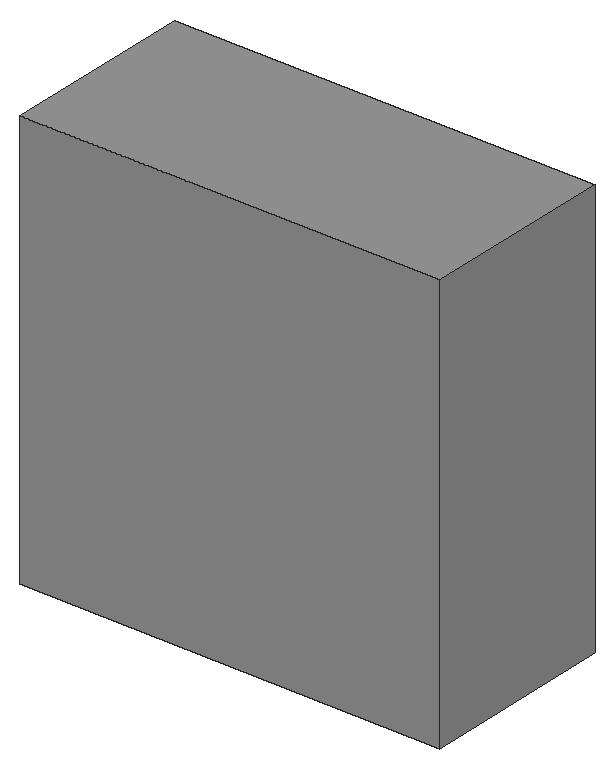
Revit family "BM_Blitzleuchte_V1700", category Brandmelder, Revit 2017
Family settings
  Beschriftungsausrichtung beibehalten = Nein
  Bemaßung runder Anschluss = Durchmesser verwenden
  Teiletyp = Normal
  OmniClass-Nummer = 23.85.30.21
  OmniClass-Titel = Environmental Detection/Registration
  Arbeitsebenenbasiert = Nein
  Immer vertikal = Ja
  Beim Laden mit Abzugskörper schneiden = Ja
  Gemeinsam genutzt = Nein
  Raumberechnungspunkt = Nein
Parameters (values of type "Blitzleuchte_Hupe")
  pbr_Material_KZ = ""
  pbr_Material = none
  pbr_E_Typ = ""
  pbr_E_KZ = ""
  pbr_DINBild = 0
  pbr_Bild = 0
  pbr_3Dx_Delta_Korrekturversatz [instance] = 0 mm
  pbr_3DX_Versatzfaktor [instance] = 0
  pbr_2DY_Versatzfaktor [instance] = 0
  pbr_2DX_Versatzfaktor [instance] = 0
  lfd_STRK [instance] = 0
  Zentrale [instance] = ""
  Winkel [instance] = 0.00°
  Typ [instance] = ""
  Tiefe = 37 mm
  Text3 [instance] = ""
  Text2 [instance] = ""
  Text1 [instance] = ""
  Spannung [instance] = 0
  Scheinleistung [instance] = 0 VA
  Polig [instance] = 1
  Planungsbüro Osnabrück = "www.pbr.de"
  Netzart = ""
  Nennstrom [instance] = 0
  Menge (Dosenzahl) [instance] = 1
  Loop [instance] = ""
  Linie/Anschluss [instance] = ""
  Leistungsfaktor [instance] = 0
  Lastklassifizierung = none
  Installationsart = ""
  Info [instance] = ""
  Gewerk [instance] = "Brandmelder"
  Bus [instance] = ""
  Blitzleuchte mit Hupe = yes
  Blitzleuchte außen = no
  Blitzleuchte (BMA) = no
  Länge = Breite  # 80 mm
  Eckversatz [instance] = 0 mm
  YFrontversatz [instance] = if(pbr_2DY_Versatzfaktor = 300, 0 mm, pbr_2DY_Versatzfaktor * 300 mm)  # 0 mm
  XSeitenversatz [instance] = if(pbr_2DX_Versatzfaktor = 0, 3000 mm, 3000 mm + (pbr_2DX_Versatzfaktor * 300 mm)) + Eckversatz  # 3000 mm
  X3Dversatz [instance] = if([3DX_Versatzkontrolle] = 0, 2000 mm, 2000 mm + ([3DX_Versatzkontrolle] * (300 mm - Breite))) + pbr_3Dx_Delta_Korrekturversatz  # 2000 mm
  Niveau [instance] = 2100 mm
  Breite = 80 mm
  Betriebsstrom ruhe [instance] = 0
  Betriebsstrom max [instance] = 0
  3DX_Versatzkontrolle [instance] = if(pbr_3DX_Versatzfaktor = 0, (pbr_2DX_Versatzfaktor * -1), (((-1 * pbr_3DX_Versatzfaktor) + pbr_2DX_Versatzfaktor) * -1))  # 0
Types (3, lengths in mm): name | Blitzleuchte mit Hupe | Blitzleuchte außen | Blitzleuchte (BMA)
  Blitzleuchte | no | no | yes
  Blitzleuchte_außen | no | yes | no
  Blitzleuchte_Hupe | yes | no | no
Reference planes
  plane 1 "Mitte (Vorne/Hinten)": y = 0
  plane 2: z = 0
  plane 3 "Mitte (Links/Rechts)": x = 22.5
  plane 4: x = -127.5
  plane 5: x = 172.5
  plane 6: y = 300
  plane 7 "Schalterhinten": y = 0
  plane 8: x = -2977.5
  plane 9: x = 22.5
  plane 10: x = -1977.5
  plane 11: x = -17.5
  plane 12: x = 62.5
  plane 13: z = 2140
  plane 14: z = 2060
  plane 15 "SchalterVorne": y = 37
  plane 16 "3DMitte": x = 22.5
  plane 17 "Achse": z = 2100
  plane 18: z = 2097.5
  plane 19: z = 2102.5
  plane 20 "2DMitte": y = 150
Forms (mm)
  Extrusion 1, solid, material "Stahl, Edelstahl"
    sketch origin (0, 20, 0) x (0, 0, 1) y (-1, 0, 0)
      loop
        line (2060, 17.5) -> (2060, -62.5) -> (2140, -62.5) -> (2140, 17.5) -> (2060, 17.5)
    from -17 to 20
Lines and regions (mm)
  model lines, not visible
    curve 1: line (-127.5, 0, 0) -> (172.5, 0, 0)
    curve 2: line (-127.5, 300, 0) -> (-127.5, 0, 0)
    curve 3: line (172.5, 300, 0) -> (-127.5, 300, 0)
    curve 4: line (172.5, 0, 0) -> (172.5, 300, 0)
Dimensions and locks
  locked: plane 6 to plane 7 "Schalterhinten" at 300
  "XSeitenversatz": plane 8 to plane 9
  plane 8 to plane 3 "Mitte (Links/Rechts)" = 3000 mm
  "YFrontversatz": plane 1 "Mitte (Vorne/Hinten)" to plane 7 "Schalterhinten"
  "Breite": plane 12 to plane 11
  "Länge": plane 13 to plane 14
  plane 9 to plane 10 = 2000 mm
  equal spacing: plane 12, plane 16 "3DMitte", plane 11
  "X3Dversatz": plane 16 "3DMitte" to plane 10
  equal spacing: plane 13, plane 17 "Achse", plane 14
  "Niveau": plane 17 "Achse" to level
  "Tiefe": plane 15 "SchalterVorne" to plane 1 "Mitte (Vorne/Hinten)"
  plane 13 to plane 18 = 42.5 mm
  plane 19 to plane 14 = 42.5 mm
  equal spacing: plane 4, plane 9, plane 5, locked at 150 each
  locked: plane 4 to plane 5 at 300
  equal spacing: plane 6, plane 20 "2DMitte", plane 7 "Schalterhinten", locked at 150 each
  aligned and locked: level to plane 2
  aligned and locked: curve 1 to plane 7 "Schalterhinten"
  aligned and locked: curve 2 to plane 4
  aligned and locked: plane 6 to curve 3
  aligned and locked: plane 5 to curve 4
  aligned and locked: Extrusion 1 sketch curve to plane 14
  aligned and locked: Extrusion 1 sketch curve to plane 11
  aligned and locked: Extrusion 1 sketch curve to plane 13
  aligned and locked: plane 12 to Extrusion 1 sketch curve
  aligned and locked: Extrusion 1 to plane 1 "Mitte (Vorne/Hinten)"
  aligned and locked: Extrusion 1 to plane 15 "SchalterVorne"
  aligned and locked: plane 3 "Mitte (Links/Rechts)" to nested 1
  aligned and locked: plane 1 "Mitte (Vorne/Hinten)" to nested 1
  aligned and locked: plane 3 "Mitte (Links/Rechts)" to nested 2
  aligned and locked: plane 1 "Mitte (Vorne/Hinten)" to nested 2
  aligned and locked: plane 3 "Mitte (Links/Rechts)" to nested 3
  aligned and locked: plane 1 "Mitte (Vorne/Hinten)" to nested 3
Nested families
  nested 1: "Blitzleuchte (BMA)" at (22.5, 0, 0), visible <- "Blitzleuchte (BMA)", type "Blitzleuchte (BMA)"
  nested 2: "Blitzleuchte außen(BMA)" at (22.5, 0, 0), visible <- "Blitzleuchte außen", type "Blitzleuchte außen(BMA)"
  nested 3: "Blitzleuchte mit Hupe (BMA)" at (22.5, 0, 0), visible <- "Blitzleuchte mit Hupe", type "Blitzleuchte mit Hupe (BMA)"
Connectors
  electrical at (22.5, 0, 2100)
    settings: on Extrusion 1, index 1, voltage 0 V, apparent load 0 VA, apparent load phase1 0 VA, apparent load phase2 0 VA, apparent load phase3 0 VA, power factor 1, load classification "Sonstige", number of poles 1, system type 11, power factor state 1, is connector primary yes, connector utility no, sub classification motor no, connector description ""
Definition of nested family "Blitzleuchte (BMA)"
  Reference planes
    plane 1 "Mitte (Vorne/Hinten)": y = 0
    plane 2: z = 0
    plane 3 "Mitte (Links/Rechts)": x = 0
  Lines and regions (mm)
    Filled region 1, type "Beton", in view "Referenzebene"
      outline origin (441.79, -213.863, 0) x (1, 0, 0) y (0, 1, 0)
        loop
          line (-356.392, 264.263) -> (-524.392, 264.263) -> (-574.792, 213.863) -> (-305.992, 213.863) -> (-356.392, 264.263)
    detail lines, in view "Referenzebene"
      curve 1: arc (85.314, 205.939, 0) -> (0.743, 288.703, 0) -> (-82.602, 204.705, 0) r 83.962
      curve 2: line (-100.447, 263.505, 0) -> (-158.644, 297.105, 0)
      curve 3: line (-57.402, 306.55, 0) -> (-91.002, 364.747, 0)
      curve 4: line (1.398, 322.305, 0) -> (1.398, 389.505, 0)
      curve 5: line (60.198, 306.55, 0) -> (93.798, 364.747, 0)
      curve 6: line (103.242, 263.505, 0) -> (161.439, 297.105, 0)
      curve 7: line (-82.602, 204.705, 0) -> (-82.602, 50.4, 0)
      curve 8: line (85.398, 50.4, 0) -> (85.398, 205.939, 0)
Definition of nested family "Blitzleuchte außen(BMA)"
  Reference planes
    plane 1 "Mitte (Vorne/Hinten)": y = 0
    plane 2: z = 0
    plane 3 "Mitte (Links/Rechts)": x = 0
  Lines and regions (mm)
    Filled region 1, type "Beton", in view "Referenzebene"
      outline origin (441.79, -213.863, 0) x (1, 0, 0) y (0, 1, 0)
        loop
          line (-356.392, 264.263) -> (-524.392, 264.263) -> (-574.792, 213.863) -> (-305.992, 213.863) -> (-356.392, 264.263)
    detail lines, in view "Referenzebene"
      curve 1: arc (85.314, 205.939, 0) -> (0.743, 288.703, 0) -> (-82.602, 204.705, 0) r 83.962
      curve 2: line (-100.447, 263.505, 0) -> (-158.644, 297.105, 0)
      curve 3: line (-57.402, 306.55, 0) -> (-91.002, 364.747, 0)
      curve 4: line (1.398, 322.305, 0) -> (1.398, 389.505, 0)
      curve 5: line (60.198, 306.55, 0) -> (93.798, 364.747, 0)
      curve 6: line (103.242, 263.505, 0) -> (161.439, 297.105, 0)
      curve 7: line (-82.602, 204.705, 0) -> (-82.602, 50.4, 0)
      curve 8: line (85.398, 50.4, 0) -> (85.398, 205.939, 0)
      curve 9: circle (1.132, 205.482, 0) r 51.787 normal (0, 0, 1)
Definition of nested family "Blitzleuchte mit Hupe (BMA)"
  Reference planes
    plane 1 "Mitte (Vorne/Hinten)": y = 0
    plane 2: z = 0
    plane 3 "Mitte (Links/Rechts)": x = 0
  Lines and regions (mm)
    Filled region 1, type "Beton", in view "Referenzebene"
      outline origin (440.392, -93.869, 0) x (1, 0, 0) y (0, 1, 0)
        loop
          line (-356.392, 264.263) -> (-524.392, 264.263) -> (-574.792, 213.863) -> (-305.992, 213.863) -> (-356.392, 264.263)
    detail lines, in view "Referenzebene"
      curve 1: arc (83.916, 325.933, 0) -> (-0.655, 408.697, 0) -> (-84, 324.699, 0) r 83.962
      curve 2: line (-101.845, 383.499, 0) -> (-160.041, 417.099, 0)
      curve 3: line (-58.8, 426.544, 0) -> (-92.4, 484.741, 0)
      curve 4: line (0, 442.299, 0) -> (0, 509.499, 0)
      curve 5: line (58.8, 426.544, 0) -> (92.4, 484.741, 0)
      curve 6: line (101.845, 383.499, 0) -> (160.041, 417.099, 0)
      curve 7: line (-84, 324.699, 0) -> (-84, 170.394, 0)
      curve 8: line (84, 170.394, 0) -> (84, 325.933, 0)
      curve 9: line (-46.35, 0, 0) -> (46.35, 0, 0)
      curve 10: line (46.35, 0, 0) -> (46.35, 92.7, 0)
      curve 11: line (46.35, 92.7, 0) -> (-46.35, 92.7, 0)
      curve 12: line (-46.35, 92.7, 0) -> (-46.35, 0, 0)
      curve 13: line (46.35, 60.255, 0) -> (101.271, 81.113, 0)
      curve 14: line (101.271, 81.113, 0) -> (101.271, 11.587, 0)
      curve 15: line (101.271, 11.587, 0) -> (46.35, 32.445, 0)
      curve 16: line (0, 119.994, 0) -> (0, 92.7, 0)
